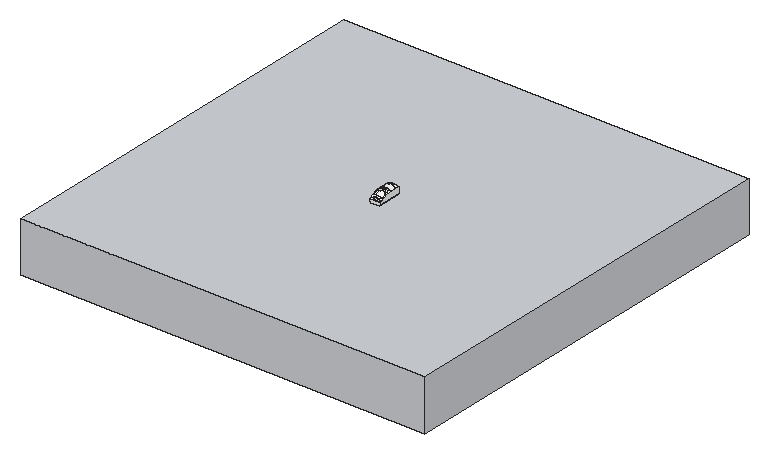
Revit family "Security_Bosch_Detectors_TriTech_ProSeries", category Sicherheitsgeräte, Revit 2017
Family settings
  Basisbauteil = Fläche
  Beschriftungsausrichtung beibehalten = Nein
  Bemaßung runder Anschluss = Durchmesser verwenden
  Teiletyp = Normal
  OmniClass-Nummer = 23.85.30.14
  OmniClass-Titel = Presence Detection/Registration
  Beim Laden mit Abzugskörper schneiden = Nein
  Gemeinsam genutzt = Nein
  Raumberechnungspunkt = Nein
Parameters (values of type "ISC-PDL1-W18H, TriTech+ motion detector, 18m (60 ft)")
  Width = 61 mm  # constant formula
  Version = "1"
  Uniclass2015 = "Ss_75_40_75_40:IntruderDetectionAndAlarmSystems"
  URL = "n/a"
  Type Comments = "n/a"
  RevitCategory = "SecurityDevices"
  ProductInformation = "http://resource.boschsecurity.us/documents/ISC_PDL1_W18x__Data_sheet_enUS_2608759819.pdf"
  PlanningTools = "n/a"
  ModelNumber = "F.01U.025.758"
  Model = "n/a"
  MaterialRALColour = "n/a"
  Material = "High Impact ABS plastic"
  ManufacturerURL = "www.boschsecurity.com"
  Manufacturer = "n/a"
  Keynote = "n/a"
  InstallationManual = "http://resource.boschsecurity.us/documents/ISC_PDL1_W18G_H_Installation_Manual_all_15098052363.pdf"
  IfcExportType = "UNDEFINED"
  IfcExportAs = "IfcElectricAppliance"
  ISC-PDL1-W18H = yes
  ISC-PDL1-W18G = no
  Height = 105 mm  # constant formula
  Disclaimer = "http://resource.boschsecurity.com/information/BIM/Disclaimer.pdf"
  Beschreibung = "Provides PIR and microwave, 18 m x 25 m (60 ft x 80 ft) coverage. 10.588 GHz frequency. For use in France and United Kingdom."
  Depth = 44 mm  # constant formula
  Default Elevation = 0 mm
  Kosten = 0
  BodyMaterial = Xtech_Bosch_ABS_White
  Baugruppenkennzeichen = "E1010"
  ArchitectsAndEngineersSpecs = "n/a"
Types (2, lengths in mm): name | ISC-PDL1-W18H | ISC-PDL1-W18G | Beschreibung
  ISC-PDL1-W18G, TriTech+ motion detector, 18m (60 ft) | no | yes | "Provides PIR and microwave, 18 m x 25 m (60 ft x 80 ft) coverage. 10.525 GHz frequency."
  ISC-PDL1-W18H, TriTech+ motion detector, 18m (60 ft) | yes | no | "Provides PIR and microwave, 18 m x 25 m (60 ft x 80 ft) coverage. 10.588 GHz frequency. For use in France and United Kingdom."
Reference planes
  plane 1 "Center (Front/Back)": y = 0
  plane 2: z = 0
  plane 3 "Center (Left/Right)": x = 0
Forms (mm)
  Extrusion 1, solid
    sketch origin (0, 0, 0) x (1, 0, 0) y (0, 1, 0)
      loop
        line (-1219.2, 1219.2) -> (-1219.2, -1219.2) -> (1219.2, -1219.2) -> (1219.2, 1219.2) -> (-1219.2, 1219.2)
    from 0 to -304.8
Dimensions and locks
  aligned and locked: plane 2 to Extrusion 1
  aligned and locked: level to Extrusion 1
Nested families
  nested 1: "Xtech_Bosch_ProfTriTech" at (0, 0, 0), visible <- "ISC-PDL1-W18G", type "ISC-PDL1-W18G"
  nested 2: "Xtech_Bosch_ProfTriTech" at (0, 0, 0), visible <- "ISC-PDL1-W18H", type "ISC-PDL1-W18H"
Connectors
  electrical at (0, 0, 0)
    settings: on nested 1, index 1, voltage 0 V, apparent load 0 VA, apparent load phase1 0 VA, apparent load phase2 0 VA, apparent load phase3 0 VA, power factor 1, load classification "Other", number of poles 1, system type 31, power factor state 1, is connector primary yes, connector utility no, sub classification motor no, connector description ""
Definition of nested family "Xtech_Bosch_ProfTriTech"
  Parameters
    Width = 69 mm  # constant formula
    Version = "1"
    Uniclass2015 = "Ss_75_40_75_40:IntruderDetectionAndAlarmSystems"
    URL = "n/a"
    Type Comments = "n/a"
    RevitCategory = "SecurityDevices"
    ProductInformation = "http://resource.boschsecurity.us/documents/ISC_PDL1_W18x__Data_sheet_enUS_2608759819.pdf"
    PlanningTools = "n/a"
    ModelNumber = "F.01U.025.758"
    Model = "n/a"
    MaterialRALColour = "n/a"
    Material = "High Impact ABS plastic"
    ManufacturerURL = "www.boschsecurity.com"
    Manufacturer = "n/a"
    Keynote = "n/a"
    InstallationManual = "http://resource.boschsecurity.us/documents/ISC_PDL1_W18G_H_Installation_Manual_all_15098052363.pdf"
    Height = 136 mm  # constant formula
    Disclaimer = "http://resource.boschsecurity.com/information/BIM/Disclaimer.pdf"
    Description = "The ISC-PDL1-W18x Professional Series TriTech Detectors are exceptionally suited for commercial indoor applications. Sensor data fusion technology ensures that the detectors send alarm conditions based on precise information. Tri-focus optics eliminate coverage gaps and respond efficiently to intruders. The powerful combination of unique features in the Professional Series delivers superior catch performance and virtually eliminates false alarms"
    Depth = 58 mm  # constant formula
    Default Elevation = 0 mm
    Cost = 0
    BodyMaterial = none
    Assembly Code = "E1010"
    ArchitectsAndEngineersSpecs = "http://resource.boschsecurity.us/documents/A_E_Specification_enUS_2608785163.doc"
  Reference planes
    plane 1 "Center (Front/Back)": y = 0
    plane 2: z = 0
    plane 3 "Center (Left/Right)": x = 0
    plane 4: x = -34.5
    plane 5: x = 34.5
    plane 6: y = -68
    plane 7: y = 68
    plane 8: z = 58
    plane 9: z = 0
    plane 10: z = 43.283
    plane 11: z = 57.625
    plane 12 "S": through (0, -66.783, 5.736) normal (0, 0.9397, -0.342)
    plane 13: z = 58.3
    plane 14: y = -4.499
  Forms (mm)
    Extrusion 1, solid
      sketch origin (0, 0, 0) x (1, 0, 0) y (0, 1, 0)
        loop
          line (-1219.2, 1219.2) -> (-1219.2, -1219.2) -> (1219.2, -1219.2) -> (1219.2, 1219.2) -> (-1219.2, 1219.2)
      from 0 to -304.8
    Blend 2, solid, material <- "BodyMaterial", detail levels medium+fine
      base sketch origin (-81.291, -4.499, 1219.2) x (-1, 0, 0) y (0, 0, -1)
        loop
          line (-46.791, 1219.2) -> (-115.791, 1219.2) -> (-115.791, 1175.917)
          arc (-115.791, 1175.917) -> (-81.291, 1161.2) -> (-46.791, 1175.917) r 47.795
          line (-46.791, 1175.917) -> (-46.791, 1219.2)
      top sketch origin (-81.291, -4.499, 1219.2) x (-1, 0, 0) y (0, 0, -1)
        loop
          line (-46.791, 1219.2) -> (-115.791, 1219.2) -> (-115.791, 1202.167)
          arc (-115.791, 1202.167) -> (-81.291, 1187.45) -> (-46.791, 1202.167) r 47.795
          line (-46.791, 1202.167) -> (-46.791, 1219.2)
      from 10.899 to 63.5
    Blend 3, void
      base sketch origin (0, 0, 3.125) x (1, 0, 0) y (0, 0, 1)
        loop
          line (-29.5, 62.185) -> (-29.5, 44.31)
          arc (-29.5, 44.31) -> (-24.396, 43.541) -> (-19.713, 41.371) r 18.193
          arc (-19.713, 41.371) -> (0, 45.625) -> (19.713, 41.371) r 47.795
          arc (19.713, 41.371) -> (24.335, 44.086) -> (29.5, 45.526) r 20.744
          line (29.5, 45.526) -> (29.5, 62.185)
          arc (29.5, 62.185) -> (0, 72.375) -> (-29.5, 62.185) r 47.795
      top sketch origin (0, 0, 3.125) x (1, 0, 0) y (0, 0, 1)
        loop
          line (-29.5, 44.31) -> (-29.5, 24.304)
          arc (-29.5, 24.304) -> (-24.405, 23.554) -> (-19.713, 21.431) r 18.552
          arc (-19.713, 21.431) -> (0, 25.685) -> (19.713, 21.431) r 47.795
          arc (19.713, 21.431) -> (24.335, 24.147) -> (29.5, 25.587) r 20.744
          line (29.5, 25.587) -> (29.5, 44.31)
          arc (29.5, 44.31) -> (0, 54.5) -> (-29.5, 44.31) r 47.795
      from 14.701 to 52.299
    Extrusion 4, void
      sketch origin (0, 0, 0) x (0, 1, 0) y (0, 0, 1)
        loop
          line (-58.824, 36.84) -> (-61.141, 41.484) -> (-74.069, 41.484) -> (-74.069, 14.043) -> (-68, 14.043) -> (-68, 17.033) -> (-58.824, 36.84)
      from -34.5 to 34.5
    Extrusion 5, solid, material <- "BodyMaterial", detail levels medium+fine
      sketch origin (0, 0, 0) x (1, 0, 0) y (0, 0, 1)
        loop
          line (-34.5, 0) -> (34.5, 0) -> (34.5, 43.283)
          arc (34.5, 43.283) -> (0, 58) -> (-34.5, 43.283) r 47.795
          line (-34.5, 43.283) -> (-34.5, 0)
      from -68 to 15.398
    Extrusion 6, void
      sketch origin (0, 0, 0) x (1, 0, 0) y (0, 0, 1)
        loop
          line (-31.5, 50.874) -> (-31.5, 42.929)
          arc (-31.5, 42.929) -> (0, 55.875) -> (31.5, 42.929) r 44.795
          line (31.5, 42.929) -> (31.5, 50.874)
          arc (31.5, 50.874) -> (0, 62.723) -> (-31.5, 50.874) r 47.795
      from -49.701 to -6.095
    Extrusion 7, void
      sketch origin (0, 0, 0) x (0, 1, 0) y (0, 0, 1)
        loop
          line (68, 58) -> (56.614, 58) -> (68, 43.283) -> (68, 58)
      from -34.5 to 34.5
    Extrusion 8, solid, detail levels fine
      sketch origin (0, 0, 0) x (1, 0, 0) y (0, 0, 1)
        loop
          arc (-36.049, 41.587) -> (0, 58) -> (36.049, 41.587) r 47.795
          line (36.049, 41.587) -> (34.717, 43.49)
          arc (34.717, 43.49) -> (0, 58.3) -> (-34.717, 43.49) r 48.095
          line (-34.717, 43.49) -> (-36.049, 41.587)
      from -53.122 to 7.5
    Extrusion 9, void
      sketch origin (0, 0, 0) x (1, 0, 0) y (0, 1, 0)
        loop
          line (-77.694, 116.224) -> (-77.694, -7.5) -> (74.355, -7.5) -> (74.355, 116.224) -> (-77.694, 116.224)
        loop
          arc (-21.547, -3.483) -> (-21.794, -4.09) -> (-21.193, -4.352) r 0.469
          arc (-21.193, -4.352) -> (-0.035, -0.899) -> (21.126, -4.332) r 66.736
          arc (21.126, -4.332) -> (21.705, -4.195) -> (21.502, -3.635) r 0.399
          arc (21.502, -3.635) -> (-0.006, 1.039) -> (-21.547, -3.483) r 52.678
      from 36.84 to 250
    Extrusion 10, solid, material <- "BodyMaterial", detail levels coarse
      sketch origin (0, 0, 0) x (1, 0, 0) y (0, 1, 0)
        loop
          line (-34.5, -68) -> (34.5, -68) -> (34.5, 68) -> (-34.5, 68) -> (-34.5, -68)
      from 0 to 58.3
    Extrusion 11, void
      sketch origin (0, -58.824, 36.84) x (0, 0.420329, 0.907372) y (1, 0, 0)
        loop
          arc (-17.876, -10.072) -> (-17.448, -11.122) -> (-16.407, -11.572) r 1.5
          arc (-16.407, -11.572) -> (-11.416, -11.185) -> (-6.597, -9.835) r 25.635
          arc (-6.597, -9.835) -> (-5.404, -8.598) -> (-4.684, -7.039) r 5.156
          arc (-4.684, -7.039) -> (-3.745, 0) -> (-4.684, 7.039) r 26.851
          arc (-4.684, 7.039) -> (-5.404, 8.598) -> (-6.597, 9.835) r 5.156
          arc (-6.597, 9.835) -> (-11.416, 11.185) -> (-16.407, 11.572) r 25.635
          arc (-16.407, 11.572) -> (-17.448, 11.122) -> (-17.876, 10.072) r 1.5
          line (-17.876, 10.072) -> (-17.876, -10.072)
      from 0 to 2
    Extrusion 12, void
      sketch origin (0, 0, 0) x (1, 0, 0) y (0, 0, 1)
        loop
          line (-34.5, 8) -> (-34.5, 0) -> (-26.5, 0) -> (-34.5, 8)
        loop
          line (34.5, 8) -> (26.5, 0) -> (34.5, 0) -> (34.5, 8)
      from -68 to 68
  Cuts and joins
    Blend 3, Extrusion 4, Extrusion 6, Extrusion 7, Extrusion 9, Extrusion 11, Extrusion 12 cuts Blend 2
    Extrusion 6, Extrusion 7, Extrusion 12 cuts Extrusion 5
    joined: Blend 2, Extrusion 5
    Extrusion 6, Extrusion 9 cuts Extrusion 8
  Lines and regions (mm)
    Masking region 1
      outline origin (0, 0, 0) x (1, 0, 0) y (0, 1, 0)
        loop
          line (-34.5, 68) -> (-34.5, -68) -> (34.5, -68) -> (34.5, 68) -> (-34.5, 68)
    Masking region 2, detail levels coarse
      outline origin (0, 0, 0) x (0, 1, 0) y (0, 0, 1)
        loop
          line (68, 58.3) -> (-68, 58.3) -> (-68, 0) -> (68, 0) -> (68, 58.3)
    Masking region 3, detail levels medium+fine
      outline origin (0, 0, 0) x (0, 1, 0) y (0, 0, 1)
        loop
          line (52.114, 58) -> (-10.899, 58) -> (-14.701, 55.984) -> (-14.701, 48.75) -> (-52.299, 28.81) -> (-52.299, 37.34) -> (-54.632, 36.175) -> (-68, 17.033) -> (-68, 0) -> (68, 0) -> (68, 43.283) -> (52.114, 58)
    Masking region 4, detail levels coarse
      outline origin (0, 0, 0) x (1, 0, 0) y (0, 0, 1)
        loop
          line (-34.5, 58) -> (-34.5, 0) -> (34.5, 0) -> (34.5, 58) -> (-34.5, 58)
    Masking region 5, detail levels medium+fine
      outline origin (0, 0, 0) x (1, 0, 0) y (0, 0, 1)
        loop
          arc (34.5, 43.283) -> (0, 58) -> (-34.5, 43.283) r 47.795
          line (-34.5, 43.283) -> (-34.5, 8) -> (-26.5, 0) -> (26.5, 0) -> (34.5, 8) -> (34.5, 43.283)
    symbolic lines, detail levels medium+fine
      curve 1: line (-31.5, 49.701, 0) -> (31.5, 49.701, 0)
      curve 2: line (31.5, 49.701, 0) -> (31.5, 6.095, 0)
      curve 3: line (31.5, 6.095, 0) -> (-31.5, 6.095, 0)
      curve 4: line (-31.5, 6.095, 0) -> (-31.5, 49.701, 0)
      curve 5: line (29.713, -15.398, 0) -> (-29.5, -15.398, 0)
      curve 6: line (-29.5, -52.299, 0) -> (29.713, -52.299, 0)
      curve 7: line (-19.713, -15.398, 0) -> (-19.713, -52.299, 0)
      curve 8: line (19.713, -52.299, 0) -> (19.713, -15.398, 0)
      curve 9: line (0, 49.701, 42.929) -> (0, 49.701, 58)
      curve 10: line (0, 49.701, 42.929) -> (0, 6.095, 42.929)
      curve 11: line (0, 6.095, 58) -> (0, 6.095, 42.929)
      curve 15: line (0, -14.701, 48.871) -> (0, -14.701, 44.496)
      curve 16: line (0, -14.701, 44.496) -> (0, -56.799, 24.556)
      curve 17: line (0, -56.799, 24.556) -> (0, -56.799, 28.81)
      curve 18: line (0, 68, 8) -> (0, -68, 8)
      curve 19: line (-34.5, 0, 17.139) -> (34.5, 0, 17.139)
      curve 24: line (-29.5, -15.398, 0) -> (-29.5, -52.299, 0)
      curve 25: line (29.713, -52.299, 0) -> (29.713, -15.398, 0)
      curve 26: spline (0, 56.581, 0) -> (-3.378, 56.729, 0) -> (-6.726, 57.036, 0) -> (-10.026, 57.501, 0) -> (-13.257, 58.12, 0) -> (-16.401, 58.891, 0) -> (-19.437, 59.808, 0) -> (-22.349, 60.865, 0) -> (-25.118, 62.058, 0) -> (-27.728, 63.378, 0) -> (-30.164, 64.817, 0) -> (-32.41, 66.368, 0) -> (-34.454, 68.02, 0)
      curve 27: spline (34.454, 68.02, 0) -> (32.41, 66.368, 0) -> (30.164, 64.817, 0) -> (27.728, 63.378, 0) -> (25.118, 62.058, 0) -> (22.349, 60.865, 0) -> (19.437, 59.808, 0) -> (16.401, 58.891, 0) -> (13.257, 58.12, 0) -> (10.026, 57.501, 0) -> (6.726, 57.036, 0) -> (3.378, 56.729, 0) -> (0, 56.581, 0)
      curve 28: line (-34.5, -68, 0) -> (34.5, -68, 0)
      curve 29: spline (-9.835, -61.597, 0) -> (-9.658, -61.502, 0) -> (-9.468, -61.411, 0) -> (-9.267, -61.325, 0) -> (-9.054, -61.243, 0) -> (-8.831, -61.167, 0) -> (-8.598, -61.096, 0) -> (-8.357, -61.03, 0) -> (-8.106, -60.971, 0) -> (-7.849, -60.917, 0) -> (-7.584, -60.869, 0) -> (-7.314, -60.828, 0) -> (-7.039, -60.793, 0)
      curve 30: spline (-7.039, -60.793, 0) -> (-5.887, -60.673, 0) -> (-4.723, -60.574, 0) -> (-3.551, -60.497, 0) -> (-2.371, -60.442, 0) -> (-1.187, -60.409, 0) -> (0, -60.398, 0) -> (1.187, -60.409, 0) -> (2.371, -60.442, 0) -> (3.551, -60.497, 0) -> (4.723, -60.574, 0) -> (5.887, -60.673, 0) -> (7.039, -60.793, 0)
      curve 31: spline (7.039, -60.793, 0) -> (7.314, -60.828, 0) -> (7.584, -60.869, 0) -> (7.849, -60.917, 0) -> (8.106, -60.971, 0) -> (8.357, -61.03, 0) -> (8.598, -61.096, 0) -> (8.831, -61.167, 0) -> (9.054, -61.243, 0) -> (9.267, -61.325, 0) -> (9.468, -61.411, 0) -> (9.658, -61.502, 0) -> (9.835, -61.597, 0)
      curve 32: spline (9.835, -61.597, 0) -> (10.125, -61.926, 0) -> (10.389, -62.26, 0) -> (10.628, -62.596, 0) -> (10.84, -62.936, 0) -> (11.026, -63.278, 0) -> (11.185, -63.623, 0) -> (11.317, -63.97, 0) -> (11.422, -64.318, 0) -> (11.5, -64.668, 0) -> (11.552, -65.018, 0) -> (11.575, -65.369, 0) -> (11.572, -65.72, 0)
      curve 33: spline (11.572, -65.72, 0) -> (11.556, -65.802, 0) -> (11.514, -65.881, 0) -> (11.449, -65.958, 0) -> (11.361, -66.03, 0) -> (11.252, -66.097, 0) -> (11.122, -66.158, 0) -> (10.975, -66.211, 0) -> (10.814, -66.256, 0) -> (10.639, -66.291, 0) -> (10.456, -66.317, 0) -> (10.266, -66.333, 0) -> (10.072, -66.338, 0)
      curve 34: line (10.072, -66.338, 0) -> (-10.072, -66.338, 0)
      curve 35: spline (-10.072, -66.338, 0) -> (-10.266, -66.333, 0) -> (-10.456, -66.317, 0) -> (-10.639, -66.291, 0) -> (-10.814, -66.256, 0) -> (-10.975, -66.211, 0) -> (-11.122, -66.158, 0) -> (-11.252, -66.097, 0) -> (-11.361, -66.03, 0) -> (-11.449, -65.958, 0) -> (-11.514, -65.881, 0) -> (-11.556, -65.802, 0) -> (-11.572, -65.72, 0)
      curve 36: spline (-11.572, -65.72, 0) -> (-11.575, -65.369, 0) -> (-11.552, -65.018, 0) -> (-11.5, -64.668, 0) -> (-11.422, -64.318, 0) -> (-11.317, -63.97, 0) -> (-11.185, -63.623, 0) -> (-11.026, -63.278, 0) -> (-10.84, -62.936, 0) -> (-10.628, -62.596, 0) -> (-10.389, -62.26, 0) -> (-10.125, -61.926, 0) -> (-9.835, -61.597, 0)
    symbolic lines, detail levels fine
      curve 12: line (0, 1.401, 58) -> (0, -3.539, 52.859)
      curve 13: line (0, -4.34, 53.318) -> (0, -0.812, 58)
      curve 14: arc (0, -3.539, 52.859) -> (0, -4.119, 52.776) -> (0, -4.34, 53.318) r 0.476
      curve 20: spline (21.409, -3.664, 0) -> (18.224, -2.151, 0) -> (14.834, -0.886, 0) -> (11.277, 0.116, 0) -> (7.591, 0.845, 0) -> (3.82, 1.292, 0) -> (0.004, 1.452, 0) -> (-3.812, 1.323, 0) -> (-7.587, 0.907, 0) -> (-11.278, 0.209, 0) -> (-14.843, -0.764, 0) -> (-18.243, -2.001, 0) -> (-21.439, -3.487, 0)
      curve 21: spline (-21.439, -3.487, 0) -> (-21.542, -3.519, 0) -> (-21.634, -3.582, 0) -> (-21.707, -3.671, 0) -> (-21.755, -3.779, 0) -> (-21.775, -3.898, 0) -> (-21.765, -4.018, 0) -> (-21.726, -4.131, 0) -> (-21.661, -4.227, 0) -> (-21.574, -4.299, 0) -> (-21.474, -4.342, 0) -> (-21.367, -4.352, 0) -> (-21.261, -4.329, 0)
      curve 22: spline (-21.261, -4.329, 0) -> (-18.013, -3.205, 0) -> (-14.604, -2.272, 0) -> (-11.066, -1.537, 0) -> (-7.43, -1.008, 0) -> (-3.727, -0.689, 0) -> (0.008, -0.583, 0) -> (3.744, -0.69, 0) -> (7.446, -1.011, 0) -> (11.082, -1.542, 0) -> (14.619, -2.278, 0) -> (18.027, -3.212, 0) -> (21.274, -4.338, 0)
      curve 23: spline (21.274, -4.338, 0) -> (21.36, -4.356, 0) -> (21.447, -4.348, 0) -> (21.528, -4.313, 0) -> (21.597, -4.254, 0) -> (21.649, -4.176, 0) -> (21.68, -4.085, 0) -> (21.687, -3.988, 0) -> (21.669, -3.893, 0) -> (21.629, -3.807, 0) -> (21.569, -3.736, 0) -> (21.493, -3.688, 0) -> (21.409, -3.664, 0)
  Dimensions and locks
    "Height": plane 6 to plane 7
    equal spacing: plane 7, plane 1 "Center (Front/Back)", plane 6
    "Width": plane 4 to plane 5
    equal spacing: plane 4, plane 3 "Center (Left/Right)", plane 5
    "Depth": plane 8 to plane 9
    plane 8 to plane 9 = 58 mm
    plane 8 to plane 10 = 14.717 mm
    aligned and locked: plane 2 to Extrusion 1
    aligned and locked: level to Extrusion 1
    aligned and locked: level to plane 9
    aligned and locked: Blend 2 sketch curve to plane 4
    aligned and locked: plane 5 to Blend 2 sketch curve
    aligned and locked: Extrusion 1 to Blend 2 sketch curve
    aligned and locked: plane 4 to Extrusion 4
    aligned and locked: plane 5 to Extrusion 4
    aligned and locked: Extrusion 5 to plane 7
    aligned and locked: plane 4 to Extrusion 7
    aligned and locked: plane 5 to Extrusion 7
    aligned and locked: Extrusion 5 to Blend 2
    aligned and locked: plane 13 to Extrusion 10
    aligned and locked: Masking region 2 sketch curve to Extrusion 10  (x2)
    aligned and locked: plane 8 to Masking region 3 sketch curve
    aligned and locked: Extrusion 1 to Masking region 3 sketch curve
    aligned and locked: Masking region 3 sketch curve to Extrusion 10
    aligned and locked: Extrusion 10 to Masking region 4 sketch curve
    aligned and locked: Masking region 4 sketch curve to Extrusion 10
    aligned and locked: Extrusion 1 to Masking region 4 sketch curve
    aligned and locked: Extrusion 1 to Extrusion 12 sketch curve
    aligned and locked: Extrusion 12 to plane 7
    aligned and locked: Extrusion 12 to plane 6
    aligned and locked: Extrusion 10 sketch curve to plane 6
    aligned and locked: plane 8 to Masking region 4 sketch curve
  Automatic sketch dimensions
    Extrusion 1 sketch curve to Extrusion 1 sketch curve = 2438.4 mm  (x2)
    Blend 2 sketch curve to plane 3 "Center (Left/Right)" = 0 mm  (x2)
    Blend 2 sketch curve to plane 10 = 0 mm
    Blend 2 sketch curve to level = 10.205 mm
    curve 4 to plane 4 = 3 mm
    curve 2 to plane 5 = 3 mm
    curve 2 to plane 1 "Center (Front/Back)" = 6.095 mm
    plane 7 to curve 4 = 18.299 mm
    curve 22 to plane 3 "Center (Left/Right)" = 0.002 mm
    curve 20 to plane 3 "Center (Left/Right)" = 0.094 mm
    curve 7 to plane 4 = 14.787 mm
    curve 22 to plane 14 = 0.17 mm
    curve 22 to curve 7 = 1.549 mm
    curve 21 to curve 22 = 0.127 mm
    curve 21 to curve 21 = 0.001 mm
    curve 21 to curve 21 = 0.049 mm
    curve 6 to plane 4 = 5 mm
    plane 4 to curve 22 = 5.185 mm
    curve 23 to plane 14 = 0.161 mm
    curve 8 to curve 23 = 1.562 mm
    curve 23 to curve 23 = 0.102 mm
    curve 22 to curve 23 = 0.103 mm
    curve 23 to curve 23 = 0.032 mm
    curve 8 to curve 5 = 10 mm
    curve 6 to plane 5 = 4.787 mm
    plane 5 to curve 20 = 1.473 mm
    curve 21 to curve 21 = 0.845 mm
    curve 23 to curve 20 = 0.674 mm
    plane 14 to curve 7 = 10.899 mm
    plane 6 to curve 7 = 15.701 mm
    curve 18 to plane 6 = 0 mm
    curve 13 to plane 13 = 0.3 mm
    curve 11 to plane 8 = 0 mm
    curve 9 to plane 8 = 0 mm
    curve 18 to plane 7 = 0 mm
    plane 6 to curve 17 = 11.201 mm
    plane 10 to curve 16 = 1.213 mm
    plane 14 to curve 16 = 10.202 mm
    curve 13 to plane 14 = 0.159 mm
    curve 13 to curve 14 = 0.458 mm
    curve 14 to curve 12 = 0.343 mm
    plane 1 "Center (Front/Back)" to curve 13 = 0.812 mm
    curve 10 to plane 10 = 0.354 mm
    curve 10 to plane 1 "Center (Front/Back)" = 6.095 mm
    plane 7 to curve 9 = 18.299 mm
    curve 16 to plane 10 = 18.726 mm
    curve 12 to plane 8 = 5.141 mm
    curve 12 to curve 14 = 0.33 mm
    curve 16 to curve 17 = 4.254 mm
    level to curve 18 = 8 mm
    curve 15 to curve 15 = 4.375 mm
    plane 4 to curve 19 = 0 mm
    curve 19 to plane 5 = 0 mm
    Blend 2 sketch curve to level = 0 mm
    Blend 2 sketch curve to plane 5 = 0 mm
    plane 4 to Blend 2 sketch curve = 0 mm
    level to Blend 2 sketch curve = 16.045 mm
    Blend 2 sketch curve to level = 17.033 mm
    Blend 3 sketch curve to plane 3 "Center (Left/Right)" = 0 mm  (x4)
    Blend 3 sketch curve to plane 4 = 5 mm  (x2)
    Blend 3 sketch curve to plane 4 = 4.872 mm
    Blend 3 sketch curve to plane 5 = 5 mm  (x2)
    Blend 3 sketch curve to plane 5 = 2.057 mm  (x2)
    level to Blend 3 sketch curve = 0.955 mm
    Blend 3 sketch curve to plane 10 = 15.578 mm
    Blend 3 sketch curve to plane 10 = 15.165 mm
    Blend 3 sketch curve to plane 10 = 14.04 mm
    plane 10 to Blend 3 sketch curve = 4.152 mm  (x2)
    plane 10 to Blend 3 sketch curve = 5.369 mm
    plane 13 to Blend 3 sketch curve = 7.01 mm
    plane 10 to Blend 3 sketch curve = 1.213 mm
    Blend 3 sketch curve to plane 4 = 4.869 mm
    Blend 3 sketch curve to level = 18.985 mm
    level to Blend 3 sketch curve = 8.178 mm
    level to Blend 3 sketch curve = 8.877 mm
    level to Blend 3 sketch curve = 9.83 mm
    Blend 3 sketch curve to plane 10 = 15.853 mm
    Blend 3 sketch curve to plane 10 = 14.571 mm
    Blend 3 sketch curve to Blend 3 sketch curve = 9.787 mm
    Extrusion 4 sketch curve to plane 6 = 0 mm
    Extrusion 4 sketch curve to plane 10 = 1.799 mm
    Extrusion 4 sketch curve to plane 6 = 6.069 mm
    plane 6 to Extrusion 4 sketch curve = 6.859 mm
    Extrusion 4 sketch curve to Extrusion 4 sketch curve = 2.317 mm
    Extrusion 4 sketch curve to Extrusion 4 sketch curve = 4.643 mm
    level to Extrusion 4 sketch curve = 17.033 mm
    Extrusion 4 sketch curve to Extrusion 4 sketch curve = 2.99 mm
    plane 4 to Extrusion 5 sketch curve = 0 mm
    Extrusion 5 sketch curve to plane 3 "Center (Left/Right)" = 0 mm
    Extrusion 5 sketch curve to level = 0 mm
    Extrusion 5 sketch curve to plane 5 = 0 mm
    Extrusion 5 sketch curve to plane 10 = 0 mm
    level to Extrusion 5 sketch curve = 10.205 mm
    Extrusion 6 sketch curve to plane 3 "Center (Left/Right)" = 0 mm  (x2)
    Extrusion 6 sketch curve to plane 4 = 3 mm
    Extrusion 6 sketch curve to plane 5 = 3 mm
    level to Extrusion 6 sketch curve = 11.08 mm
    Extrusion 6 sketch curve to Extrusion 6 sketch curve = 3.848 mm
    Extrusion 6 sketch curve to plane 10 = 0.354 mm
    Extrusion 6 sketch curve to plane 8 = 7.126 mm
    Extrusion 7 sketch curve to plane 8 = 0 mm
    Extrusion 7 sketch curve to plane 7 = 0 mm
    plane 10 to Extrusion 7 sketch curve = 0 mm
    Extrusion 7 sketch curve to Extrusion 7 sketch curve = 11.386 mm
    Extrusion 8 sketch curve to Extrusion 8 sketch curve = 0 mm  (x2)
    Extrusion 8 sketch curve to plane 3 "Center (Left/Right)" = 0 mm
    plane 4 to Extrusion 8 sketch curve = 0.217 mm
    plane 4 to Extrusion 8 sketch curve = 1.549 mm
    plane 5 to Extrusion 8 sketch curve = 0.217 mm
    plane 5 to Extrusion 8 sketch curve = 1.549 mm
    level to Extrusion 8 sketch curve = 10.205 mm
    Extrusion 8 sketch curve to plane 10 = 1.695 mm
    plane 10 to Extrusion 8 sketch curve = 0.208 mm
    plane 14 to Extrusion 9 sketch curve = 3.001 mm
    plane 4 to Extrusion 9 sketch curve = 43.194 mm
    Extrusion 9 sketch curve to plane 14 = 0.586 mm
    Extrusion 9 sketch curve to plane 4 = 13.141 mm
    Extrusion 9 sketch curve to plane 3 "Center (Left/Right)" = 0.192 mm
    Extrusion 9 sketch curve to plane 3 "Center (Left/Right)" = 0.005 mm
    Extrusion 9 sketch curve to plane 14 = 0.494 mm
    plane 3 "Center (Left/Right)" to Extrusion 9 sketch curve = 21.354 mm
    plane 5 to Extrusion 9 sketch curve = 39.855 mm
    plane 6 to Extrusion 9 sketch curve = 16.361 mm
    plane 6 to Extrusion 9 sketch curve = 0.365 mm
    Extrusion 9 sketch curve to plane 7 = 48.224 mm
    Extrusion 9 sketch curve to Extrusion 9 sketch curve = 0.188 mm
    Extrusion 9 sketch curve to plane 14 = 0.147 mm
    Extrusion 9 sketch curve to Extrusion 9 sketch curve = 0.166 mm
    Extrusion 9 sketch curve to Extrusion 9 sketch curve = 0.228 mm
    Extrusion 10 sketch curve to plane 4 = 0 mm
    Extrusion 10 sketch curve to plane 5 = 0 mm
    plane 7 to Extrusion 10 sketch curve = 0 mm
    Masking region 1 sketch curve to plane 4 = 0 mm
    Masking region 1 sketch curve to plane 5 = 0 mm
    plane 6 to Masking region 1 sketch curve = 0 mm
    plane 7 to Masking region 1 sketch curve = 0 mm
    Masking region 2 sketch curve to plane 6 = 0 mm
    Masking region 2 sketch curve to level = 0 mm
    Masking region 3 sketch curve to plane 6 = 0 mm
    plane 10 to Masking region 3 sketch curve = 0 mm
    plane 6 to Masking region 3 sketch curve = 13.368 mm
    Masking region 3 sketch curve to Masking region 3 sketch curve = 2.334 mm
    Masking region 3 sketch curve to plane 8 = 2.016 mm
    plane 14 to Masking region 3 sketch curve = 10.202 mm
    Masking region 3 sketch curve to Masking region 3 sketch curve = 3.802 mm
    plane 7 to Masking region 3 sketch curve = 15.886 mm
    Masking region 3 sketch curve to Masking region 3 sketch curve = 17.033 mm
    Masking region 3 sketch curve to plane 10 = 14.472 mm
    Masking region 3 sketch curve to plane 10 = 7.107 mm
    Masking region 3 sketch curve to Masking region 3 sketch curve = 1.165 mm
    plane 10 to Masking region 3 sketch curve = 5.467 mm
    Extrusion 4 to Extrusion 11 sketch curve = 8.766 mm
    Extrusion 11 sketch curve to Extrusion 4 = 3.954 mm
    Extrusion 11 sketch curve to Extrusion 11 sketch curve = 1.5 mm  (x2)
    Extrusion 11 sketch curve to Extrusion 11 sketch curve = 0.49 mm  (x2)
    Extrusion 11 sketch curve to Extrusion 11 sketch curve = 6.717 mm  (x2)
    Extrusion 11 sketch curve to Extrusion 4 = 20.442 mm
    Extrusion 11 sketch curve to Extrusion 11 sketch curve = 3.986 mm
    Extrusion 11 sketch curve to Extrusion 11 sketch curve = 4.385 mm  (x2)
    Extrusion 11 sketch curve to Extrusion 11 sketch curve = 10.072 mm
    Extrusion 11 sketch curve to Extrusion 11 sketch curve = 11.374 mm
    Extrusion 11 sketch curve to Extrusion 11 sketch curve = 2.486 mm
    Extrusion 11 sketch curve to Extrusion 11 sketch curve = 0 mm  (x3)
    Extrusion 11 sketch curve to Extrusion 11 sketch curve = 3.063 mm  (x2)
    Extrusion 12 sketch curve to level = 0 mm
    Extrusion 12 sketch curve to plane 5 = 0 mm
    Extrusion 12 sketch curve to plane 4 = 8 mm
    Extrusion 12 sketch curve to plane 5 = 8 mm
    Extrusion 12 sketch curve to Extrusion 12 sketch curve = 8 mm
    level to Extrusion 12 sketch curve = 8 mm
    plane 4 to Masking region 5 sketch curve = 0 mm
    Masking region 5 sketch curve to level = 0 mm
    Masking region 5 sketch curve to plane 3 "Center (Left/Right)" = 0 mm
    Masking region 5 sketch curve to plane 5 = 0 mm
    Masking region 5 sketch curve to plane 10 = 0 mm
    level to Masking region 5 sketch curve = 10.205 mm
    plane 4 to curve 26 = 7.826 mm
    curve 26 to plane 7 = 0.02 mm
    curve 26 to plane 4 = 0.046 mm
    plane 3 "Center (Left/Right)" to curve 26 = 1.429 mm
    curve 26 to plane 3 "Center (Left/Right)" = 0 mm
    curve 1 to curve 26 = 6.88 mm
    curve 27 to plane 3 "Center (Left/Right)" = 1.429 mm
    curve 27 to plane 7 = 0.02 mm
    curve 27 to plane 5 = 0.046 mm
    plane 5 to curve 27 = 7.826 mm
    plane 4 to Extrusion 12 sketch curve = 0 mm
    Masking region 5 sketch curve to plane 4 = 8 mm
    Masking region 5 sketch curve to plane 5 = 8 mm
    level to Masking region 5 sketch curve = 8 mm  (x2)
    curve 12 to plane 8 = 0 mm
    curve 12 to plane 1 "Center (Front/Back)" = 1.401 mm
    level to curve 19 = 17.139 mm
    curve 28 to plane 4 = 0 mm
    curve 30 to plane 3 "Center (Left/Right)" = 0 mm
    curve 28 to plane 5 = 0 mm
    curve 28 to plane 6 = 0 mm
    plane 6 to curve 34 = 1.662 mm
    curve 34 to plane 3 "Center (Left/Right)" = 10.072 mm
    plane 3 "Center (Left/Right)" to curve 34 = 10.072 mm
    curve 32 to curve 35 = 3.986 mm
    curve 35 to curve 35 = 1.5 mm  (x2)
    curve 35 to curve 29 = 0.237 mm
    curve 29 to curve 29 = 2.796 mm
    curve 29 to curve 29 = 1.352 mm
    curve 29 to plane 3 "Center (Left/Right)" = 0.531 mm
    curve 31 to curve 33 = 4.385 mm
    curve 31 to curve 31 = 1.352 mm
    curve 31 to curve 32 = 2.796 mm
    curve 32 to curve 31 = 1.008 mm
    curve 33 to curve 32 = 1.5 mm
    curve 33 to curve 33 = 0 mm
    curve 33 to curve 32 = 0.005 mm
    curve 32 to curve 36 = 2.481 mm
    curve 30 to plane 6 = 3.685 mm
    curve 30 to plane 5 = 7.649 mm
    plane 6 to curve 36 = 2.498 mm
    curve 28 to curve 36 = 5.193 mm
    curve 35 to curve 36 = 0.618 mm
    curve 34 to curve 32 = 0.618 mm
    curve 33 to curve 32 = 0.206 mm
    curve 35 to curve 29 = 2.823 mm
  Connectors
    electrical at (0, 0.001, 0)
      settings: on cut or joined group of Blend 2, Blend 3, Extrusion 4, Extrusion 5, Extrusion 6, Extrusion 7, Extrusion 9, Extrusion 11, Extrusion 12, index 1, voltage 0 V, apparent load 0 VA, apparent load phase1 0 VA, apparent load phase2 0 VA, apparent load phase3 0 VA, power factor 1, load classification none, number of poles 1, system type 10, power factor state 1, is connector primary yes, connector utility no, sub classification motor no, connector description ""
